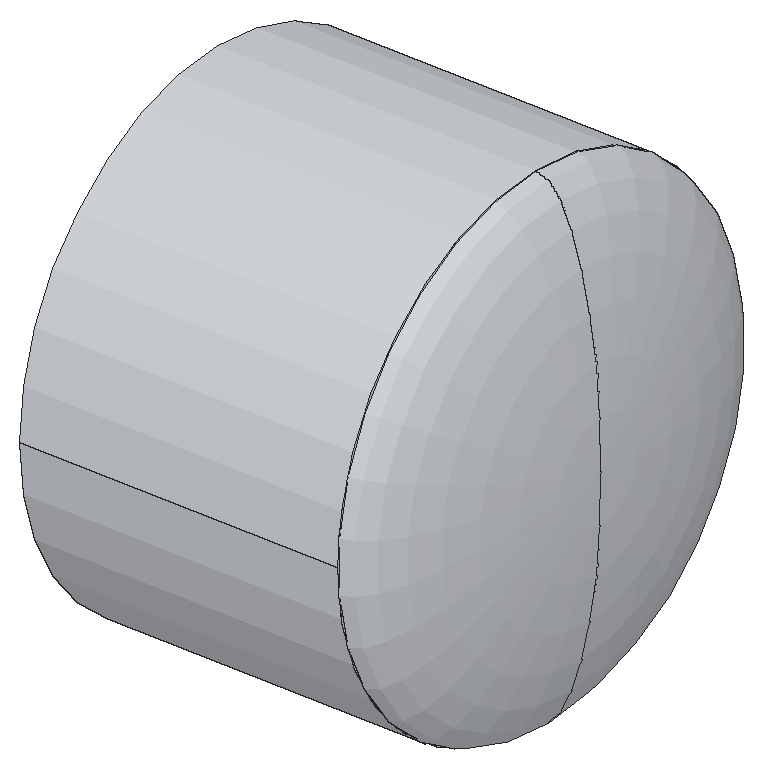
Revit family "TuberiaPEAD_Tapon_redincendios_Extrucol_0006", category Uniones de tubería, Revit 2020
Family settings
  Cota de conector redondo = Diámetro de uso
  Tipo de pieza = Tapón
  Se basa en plano de trabajo = No
  Siempre vertical = Sí
  Corte con vacíos al cargar = No
  Compartido = No
Parameters
  Z [instance] = size_lookup(Tabla consulta, "Z", 0 mm, DN)  # 26 mm
  URL = "http://www.extrucol.com/"
  Tabla consulta = "Tablatapon"
  R [instance] = DN / 2  # 100 mm
  H [instance] = size_lookup(Tabla consulta, "H", 0 mm, DN)  # 129 mm
  Fabricante = "Extrucol"
  Elevación por defecto = 0 mm
  Descripción = "Tapón PE100"
  DN [instance] = 200 mm
Reference planes
  plane 1 "Centro (Frontal/Posterior)": y = 0
  plane 2: z = 0
  plane 3 "Centro (Izquierda/Derecha)": x = 0
  plane 4: x = 0
  plane 5: x = 129
  plane 6: x = 155
Forms (mm)
  Sweep 1, solid
    path in 3D
      loop
        line (0.497, 0, 0) -> (129, 0, 0)
    profile origin (64.748, 0, 0) x (0, 1, 0) y (0, 0, 1)
      loop
        circle (0, 0) r 100
  Revolve 2, solid
    sketch origin (0, 0, 0) x (1, 0, 0) y (0, 0, 1)
      loop
        line (129, 100) -> (129, 0) -> (155.458, 0)
        spline (155.458, 0) -> (155.232, 13.053) -> (154.557, 25.882) -> (153.444, 38.268) -> (151.913, 50) -> (149.991, 60.876) -> (147.709, 70.711) -> (145.107, 79.335) -> (142.229, 86.603) -> (139.125, 92.388) -> (135.848, 96.593) -> (132.453, 99.144) -> (129, 100)
      axis (129, 0) -> (155.458, 0)
    angle from 0 to 360
Lines and regions (mm)
  model lines
    curve 1: line (0.497, 0, 0) -> (129, 0, 0)
    curve 3: line (129, 0, 0) -> (137, 0, 0)
  sketch lines
    curve 2: line (0.497, 0, 0) -> (129, 0, 0)
Dimensions and locks
  "H": plane 4 to plane 5
  "R": Revolve 2 sketch curve to Revolve 2 sketch curve
  "Z": plane 5 to plane 6
  "DN": diameter of Sweep 1 sketch curve
  aligned and locked: level to plane 2
Automatic sketch dimensions
  plane 1 "Centro (Frontal/Posterior)" to curve 1 = 0 mm
  curve 1 to plane 5 = 0 mm
  plane 3 "Centro (Izquierda/Derecha)" to curve 1 = 0.497 mm
  curve 3 to level = 0 mm
  curve 3 to plane 5 = 0 mm
  curve 3 to curve 3 = 8 mm
  Sweep 1 sketch curve to profile plane = 0 mm  (x2)
  Revolve 2 sketch curve to plane 5 = 0 mm  (x2)
  Revolve 2 sketch curve to level = 0 mm  (x2)
  Revolve 2 sketch curve to plane 6 = 0.458 mm
  Revolve 2 sketch curve to Revolve 2 sketch curve = 0 mm
Connectors
  piping at (0.497, 0, 0), diameter 200, driven by "DN"
    settings: on Sweep 1, index 1, connector inside diameter 609.6 mm, connector length 0 mm, flow factor 0, pipe flow 0.0 L/s, pressure drop 0.0 Pa, fitting loss kfactor 0, connector angle 0.00°, fixture units 0, engagement length 0 mm, angle of deflection 0.00°, flow configuration 0, flow direction 0, fitting loss method 0, system type 28, joint type 0, gender type 0, connector reference index -1, connector utility 0, adjustable connector no, is connector primary yes, connector description ""
